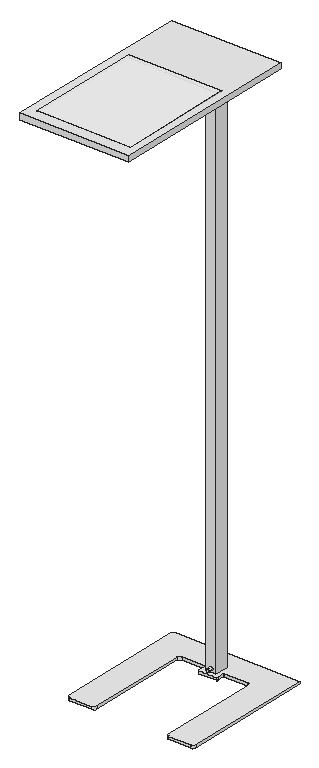
Revit family "0060781 Sylvania Lighting Fixture FREEOFFICE DIRECT INDIRECT 12KLM BLACK EC", category Lighting Fixtures, host Face, Revit 2016
Family settings
  Host = Face
  Part Type = Normal
  Round Connector Dimension = Use Diameter
  OmniClass Number = 23.80.70.11.17
  OmniClass Title = Specialized Lighting by Location or Use
  Cut with Voids When Loaded = No
  Light Source = Yes
  Shared = No
  Room Calculation Point = No
Parameters (values of type "0060781 FREEOFFICE D/I 12 BLACK EC")
  Weight = "22.8 kg"
  Wattage = 93 W
  WarrantyStartDate [instance] = "n/a"
  WarrantyGuarantorParts = "n/a"
  WarrantyDurationUnit = "n/a"
  WarrantyDurationParts = "n/a"
  WarrantyDescription = "n/a"
  built-in parameter 1150110 = 1 (stored number, unit not read)
  Voltage = 230 V
  TypeName = "FREEOFFICE DIRECT/INDIRECT 12KLM BLACK EC"
  built-in parameter 1114217 = 1 (stored number, unit not read)
  Tilt Angle = -90°
  built-in parameter 1150109 = 1 (stored number, unit not read)
  built-in parameter 1150134 = 12
  built-in parameter 1150113 = 1 (stored number, unit not read)
  SerialNumber [instance] = "n/a"
  Radius_FEILO = 165.0 mm
  URL = "http://www.sylvania-lighting.com"
  PowerFactor = 0.96
  PowerConsumption = "93 W"
  Photometric Web File = "0060781.ies"
  PIR_SYL = no
  NominalWidth = 0.0 mm
  NominalLength = 690.0 mm
  NominalHeight = 2030.0 mm
  Name = "FREEOFFICE DIRECT/INDIRECT 12KLM BLACK EC"
  ModelReference = "FREEOFFICE DIRECT/INDIRECT 12KLM BLACK EC"
  ModelNumber = "0060781"
  Material_3_SYL = Body-Sylvania-FreeOffice-BLK
  Material_2_SYL = Polycarbonate_Sylvania_Sylcircle_Opal
  Material_1_SYL = Body-Sylvania-FreeOffice-BLK
  Material = "head and pole : powder coated aluminium. stand: powder coated steel housing, pmma diffuser"
  ManufacturerName = "Feilo Sylvania"
  LuminousEfficacy = "131 lm/W"
  built-in parameter 1150105 = 3688.2 (stored number, unit not read)
  Lumens = 12183 lm
  LuminaireType = ""
  built-in parameter 1150115 = 1 (stored number, unit not read)
  LightOutputRatio = "n/a"
  built-in parameter 1150137 = (empty or 0)
  built-in parameter 1150139 = (empty or 0)
  LampsType = Lamp  # "LED"
  LampNominalLuminous = "12150 lm"
  LampMacAdamStep = "3"
  LampColourTemperature = "4000 K"
  LampColourRenderingIndex = "80"
  built-in parameter 1150112 = 1 (stored number, unit not read)
  built-in parameter 1150114 = 1 (stored number, unit not read)
  Keynote = "16500"
  InstallationDate [instance] = "n/a"
  InputVoltage = "220-240V~"
  InputNominalFrequency = "50/60 Hz"
  built-in parameter 1150132 = (empty or 0)
  built-in parameter 1150102 = (empty or 0)
  built-in parameter 1150107 = 4000 (stored number, unit not read)
  built-in parameter 1150138 = (empty or 0)
  IngressProtection = "IP20"
  ImpactProtectionIndex = "IK02"
  built-in parameter 1150106 = 36.882 (stored number, unit not read)
  IfcExportType = "IfcLightFixtureType"
  IfcExportAs = "IfcLightFixtureType"
  Height_FEILO = 96.0 mm
  ExpectedLife = 50000
  Emit from Rectangle Width = 340.1 mm
  Emit from Rectangle Length = 564.6 mm
  Emit Shape Visible in Rendering = no
  ElectricShockClassification = "Class I"
  built-in parameter 1150104 = 12.17 (stored number, unit not read)
  DurationUnit = "hours"
  DocumentationLiterature = "http://www.sylvania-lighting.com/product/en-int/products/0060781"
  DimmingControlOptions = "Dimmable"
  Dimming Lamp Color Temperature Shift = <None>
  Diameter_FEILO = 2 * Radius_FEILO  # 330.0 mm
  CreatedOn = "12/5/2018"
  CreatedBy = "@sylvania-lighting.com"
  Color Filter = 16777215
  built-in parameter 1114216 [instance] = 1 (stored number, unit not read)
  Model = "FREEOFFICE DIRECT/INDIRECT 12KLM BLACK EC"
  Manufacturer = "Feilo Sylvania"
  Lamp = "LED"
  Description = "FREEOFFICE DIRECT/INDIRECT 12KLM BLACK EC is a highly efficient free-standing floor lamp providing optimal illumination for single and twin workstations. 80% uplight and 20% downlight ratio for ambient and task lighting from a single luminaire. Microprismatic PMMA optics for advanced glare control. Black RAL9005 powder coated luminaire body. Aluminium head and pole for high-quality appearance, steel stand for higher stability. Luminaire dimensions: Head: 690x397x25mm, Stand: 480x460x16mm, Pole: 55x35x2030mm. Operated and dimmed with a push button located in the pole at a height suitable to be used with adjustable height desks. Up and downlight dims together. 4000K Neutral White LED, CRI>80, chromaticity tolerance: SDCM<3. Luminous flux: 12150lm. Power consumption 93W. Luminaire efficacy: 131lm/W. Lumen maintenance: L80B50=55000h. UGR<16, Luminance at 65°<3000 cd/m2. IK02, IP20. Photobiological safety risk group 0. Electrical protection: Class I. Glow wire test: 650°C. Supplied with 3m cable with DIN 49441-R2 plug."
  Default Elevation = 0.0 mm
  built-in parameter 1140040 [instance] = 1
  BarCode [instance] = "n/a"
  built-in parameter 1114218 = 1 (stored number, unit not read)
  built-in parameter 1150133 = 10 (stored number, unit not read)
  AssetType = "Fixed"
  AssetIdentifier [instance] = "n/a"
  Assembly Code = "D5020200"
  Apparent Load = 93 VA
Reference planes
  plane 1 "Center (Front/Back)": y = 0
  plane 2: z = 0
  plane 3 "Center (Left/Right)": x = 0
  plane 4: z = 2030
  plane 5: x = 230
  plane 6: x = -230
  plane 7: x = 18
  plane 8: x = -18
  plane 9: x = -198.5
  plane 10: x = 198.5
  plane 11: y = 25
  plane 12: y = -25
  plane 13: y = -390.174
  plane 14: y = 89.826
  plane 15: y = -645
  plane 16: y = 44
  plane 17: z = 9
  plane 18: z = 2010
  plane 19: y = -187.327
  plane 20: y = -603.8
  plane 21: x = -170.03
  plane 22: x = 170.03
  plane 23: y = -39.174
  plane 24: z = 2020
  plane 25: x = 130
  plane 26: x = -130
  plane 27: y = -10.174
  plane 28: x = 34
  plane 29: x = -34
  plane 30: y = -39.174
  plane 31: y = -321.487
  plane 32: z = 21
  plane 33: y = -624.4
  plane 34: z = 2009
Forms (mm)
  Extrusion 1, solid, material "Body-Sylvania-FreeOffice-BLK" <- "Material_1_SYL"
    sketch origin (-1380.213, -4572, 2010) x (-1, 0, 0) y (0, -1, 0)
      loop
        line (-1181.713, -3927) -> (-1578.713, -3927) -> (-1578.713, -4616) -> (-1181.713, -4616) -> (-1181.713, -3927)
    from 0 to 20
  Extrusion 2, void
    sketch origin (-1380.213, -4572, 2030) x (0, -1, 0) y (-1, 0, 0)
      loop
        line (-4384.673, -1210.183) -> (-4384.673, -1550.243) -> (-3968.2, -1550.243) -> (-3968.2, -1210.183) -> (-4384.673, -1210.183)
    from 0 to 20
  Extrusion 3, void
    sketch origin (-1380.213, -4572, 2010) x (0, -1, 0) y (-1, 0, 0)
      loop
        line (-3968.2, -1210.183) -> (-4532.826, -1210.183) -> (-4532.826, -1550.243) -> (-3968.2, -1550.243) -> (-3968.2, -1210.183)
    from 0 to -10
  Extrusion 4, solid, material "Body-Sylvania-FreeOffice-BLK" <- "Material_1_SYL"
    sketch origin (0, 0, 0) x (1, 0, 0) y (0, 1, 0)
      loop
        line (-230, 79.826) -> (-230, -380.174)
        arc (-230, -380.174) -> (-227.071, -387.245) -> (-220, -390.174) r 10
        line (-220, -390.174) -> (-140, -390.174)
        arc (-140, -390.174) -> (-132.929, -387.245) -> (-130, -380.174) r 10
        line (-130, -380.174) -> (-130, -20.174)
        arc (-130, -20.174) -> (-127.071, -13.103) -> (-120, -10.174) r 10
        line (-120, -10.174) -> (-36, -10.174)
        arc (-36, -10.174) -> (-34.586, -10.76) -> (-34, -12.174) r 2
        line (-34, -12.174) -> (-34, -37.174)
        arc (-34, -37.174) -> (-33.414, -38.588) -> (-32, -39.174) r 2
        line (-32, -39.174) -> (32, -39.174)
        arc (32, -39.174) -> (33.414, -38.588) -> (34, -37.174) r 2
        line (34, -37.174) -> (34, -12.174)
        arc (34, -12.174) -> (34.586, -10.76) -> (36, -10.174) r 2
        line (36, -10.174) -> (120, -10.174)
        arc (120, -10.174) -> (127.071, -13.103) -> (130, -20.174) r 10
        line (130, -20.174) -> (130, -380.174)
        arc (130, -380.174) -> (132.929, -387.245) -> (140, -390.174) r 10
        line (140, -390.174) -> (220, -390.174)
        arc (220, -390.174) -> (227.071, -387.245) -> (230, -380.174) r 10
        line (230, -380.174) -> (230, 89.826) -> (-220, 89.826)
        arc (-220, 89.826) -> (-227.071, 86.897) -> (-230, 79.826) r 10
    from 0 to 9
  Extrusion 5, solid, material "Body-Sylvania-FreeOffice-BLK" <- "Material_1_SYL"
    sketch origin (645.563, -4597, 9) x (0, -1, 0) y (-1, 0, 0)
      loop
        line (-4622, 663.563) -> (-4622, 627.563) -> (-4572, 627.563) -> (-4572, 663.563) -> (-4622, 663.563)
    from 0 to -2001
  Extrusion 6, solid, material "Body-Sylvania-FreeOffice-BLK" <- "Material_1_SYL"
    sketch origin (747.1, -25, 1219.2) x (1, 0, 0) y (0, 0, 1)
      loop
        circle (-747.1, -1198.2) r 5
    from 0 to 14.174
  Extrusion 7, solid, material "Polycarbonate_Sylvania_Sylcircle_Opal" <- "Material_2_SYL"
    sketch origin (-1380.213, -4572, 2030) x (-1, 0, 0) y (0, -1, 0)
      loop
        line (-1550.243, -3968.2) -> (-1550.243, -4384.673) -> (-1210.183, -4384.673) -> (-1210.183, -3968.2) -> (-1550.243, -3968.2)
    from 0 to -10
  Extrusion 8, solid, material "Polycarbonate_Sylvania_Sylcircle_Opal" <- "Material_2_SYL"
    sketch origin (-1380.213, -4572, 2010) x (-1, 0, 0) y (0, -1, 0)
      loop
        line (-1210.183, -4532.826) -> (-1210.183, -3968.2) -> (-1550.243, -3968.2) -> (-1550.243, -4532.826) -> (-1210.183, -4532.826)
    from 0 to 10
  Revolve 9, solid, material "Body-Sylvania-FreeOffice-BLK" <- "Material_3_SYL", visible <- "PIR_SYL"
    sketch origin (747.1, -624.4, 1219.2) x (1, 0, 0) y (0, 0, 1)
      loop
        line (-757.1, 789.8) -> (-754.426, 789.8)
        arc (-754.426, 789.8) -> (-751.007, 787.781) -> (-747.1, 787.079) r 11.221
        line (-747.1, 787.079) -> (-747.1, 790.8) -> (-757.1, 790.8) -> (-757.1, 789.8)
      axis (-747.1, 790.8) -> (-747.1, 787.079)
    angle from 0 to 360
Cuts and joins
  Extrusion 2, Extrusion 3 cuts Extrusion 1
Lines and regions (mm)
  reference lines
    curve 1: circle (0, 0, 21) r 5 normal (0, -1, 0)
    curve 2: circle (0, -624.4, 2010) r 10 normal (0, 0, 1)
Dimensions and locks
  equal spacing: plane 12, plane 1 "Center (Front/Back)", plane 11
  locked: plane 12 to plane 11 at 50
  equal spacing: plane 8, plane 3 "Center (Left/Right)", plane 7
  plane 8 to plane 7 = 36.0 mm
  equal spacing: plane 9, plane 3 "Center (Left/Right)", plane 10
  plane 9 to plane 10 = 397.0 mm
  equal spacing: plane 6, plane 3 "Center (Left/Right)", plane 5
  locked: plane 6 to plane 5 at 460
  locked: plane 4 to plane 2 at 2030
  locked: plane 13 to plane 1 "Center (Front/Back)" at 390.174
  locked: plane 13 to plane 14 at 480
  locked: plane 15 to plane 1 "Center (Front/Back)" at 645
  locked: plane 15 to plane 16 at 689
  locked: plane 17 to plane 2 at 9
  locked: plane 4 to plane 18 at 20
  locked: plane 19 to plane 1 "Center (Front/Back)" at 187.327
  locked: plane 20 to plane 19 at 416.473
  equal spacing: plane 21, plane 3 "Center (Left/Right)", plane 22
  plane 21 to plane 22 = 340.059 mm
  locked: plane 20 to plane 23 at 564.626
  equal spacing: plane 4, plane 24, plane 18
  equal spacing: plane 26, plane 3 "Center (Left/Right)", plane 25
  locked: plane 26 to plane 25 at 260
  locked: plane 27 to plane 14 at 100
  equal spacing: plane 29, plane 3 "Center (Left/Right)", plane 28
  locked: plane 29 to plane 28 at 68
  locked: plane 30 to plane 27 at 29
  equal spacing: plane 20, plane 31, plane 23
  locked: plane 32 to host face at 21
  equal spacing: plane 15, plane 33, plane 20
  locked: Revolve 9 sketch curve to plane 18 at 7.5
  locked: plane 18 to plane 34 at 1
  radius of curve 2 = 10.0 mm
  aligned and locked: plane 2 to host face
  aligned and locked: level to host face
  aligned and locked: plane 15 to Extrusion 1 sketch curve
  aligned and locked: Extrusion 1 sketch curve to plane 9
  aligned and locked: Extrusion 1 sketch curve to plane 16
  aligned and locked: plane 10 to Extrusion 1 sketch curve
  aligned and locked: plane 4 to Extrusion 1
  aligned and locked: Extrusion 1 to plane 18
  aligned and locked: Extrusion 2 sketch curve to plane 19
  aligned and locked: plane 20 to Extrusion 2 sketch curve
  aligned and locked: Extrusion 2 to plane 18
  aligned and locked: plane 4 to Extrusion 2
  aligned and locked: plane 21 to Extrusion 2 sketch curve
  aligned and locked: plane 22 to Extrusion 2 sketch curve
  aligned and locked: Extrusion 3 sketch curve to cut or joined group of Extrusion 1, Extrusion 2, Extrusion 3  (x2)
  aligned and locked: plane 23 to Extrusion 3 sketch curve
  aligned and locked: plane 22 to Extrusion 3 sketch curve
  aligned and locked: Extrusion 3 to plane 18
  aligned and locked: plane 24 to Extrusion 3
  aligned and locked: Extrusion 4 sketch curve to plane 14
  aligned and locked: Extrusion 4 sketch curve to plane 6
  aligned and locked: plane 13 to Extrusion 4 sketch curve  (x2)
  aligned and locked: Extrusion 4 sketch curve to plane 26
  aligned and locked: Extrusion 4 sketch curve to plane 25
  aligned and locked: plane 5 to Extrusion 4 sketch curve
  aligned and locked: plane 29 to Extrusion 4 sketch curve
  aligned and locked: plane 30 to Extrusion 4 sketch curve
  aligned and locked: Extrusion 4 sketch curve to plane 28
  aligned and locked: Extrusion 4 sketch curve to plane 27
  aligned and locked: Extrusion 4 to plane 17
  aligned and locked: Extrusion 4 to level
  aligned and locked: Extrusion 5 sketch curve to plane 8
  aligned and locked: plane 7 to Extrusion 5 sketch curve
  aligned and locked: plane 18 to Extrusion 5
  aligned and locked: plane 11 to Extrusion 5 sketch curve
  aligned and locked: Extrusion 5 sketch curve to plane 12
  aligned and locked: plane 24 to imposter light
  aligned and locked: imposter light to plane 3 "Center (Left/Right)"
  aligned and locked: imposter light to plane 31
  aligned and locked: Extrusion 6 sketch curve to curve 1
  aligned and locked: Extrusion 6 to plane 12
  aligned and locked: Extrusion 6 to cut or joined group of Extrusion 1, Extrusion 2, Extrusion 3
  aligned and locked: Extrusion 7 sketch curve to cut or joined group of Extrusion 1, Extrusion 2, Extrusion 3  (x4)
  aligned and locked: Extrusion 7 to plane 4
  aligned and locked: Extrusion 7 to cut or joined group of Extrusion 1, Extrusion 2, Extrusion 3
  aligned and locked: Extrusion 8 sketch curve to cut or joined group of Extrusion 1, Extrusion 2, Extrusion 3  (x4)
  aligned and locked: Extrusion 8 to cut or joined group of Extrusion 1, Extrusion 2, Extrusion 3
  aligned and locked: Extrusion 8 to plane 18
  aligned and locked: plane 3 "Center (Left/Right)" to curve 2
  aligned and locked: plane 33 to curve 2
  aligned and locked: plane 3 "Center (Left/Right)" to Revolve 9 sketch curve  (x2)
  aligned and locked: Revolve 9 sketch curve to plane 3 "Center (Left/Right)"
  aligned and locked: Revolve 9 sketch curve to plane 34
Automatic sketch dimensions
  host sketch curve to host sketch curve = 1305.563 mm
  host sketch curve to host sketch curve = 1283.632 mm
  plane 27 to Extrusion 4 sketch curve = 0.0 mm
  plane 6 to Extrusion 4 sketch curve = 10.0 mm  (x2)
  Extrusion 4 sketch curve to plane 13 = 10.0 mm
  Extrusion 4 sketch curve to plane 26 = 10.0 mm
  Extrusion 4 sketch curve to Extrusion 4 sketch curve = 2.0 mm
  plane 29 to Extrusion 4 sketch curve = 2.0 mm
  Extrusion 4 sketch curve to plane 28 = 2.0 mm
  plane 28 to Extrusion 4 sketch curve = 2.0 mm
  Extrusion 4 sketch curve to plane 25 = 10.0 mm
  Extrusion 4 sketch curve to Extrusion 4 sketch curve = 10.0 mm
  Extrusion 4 sketch curve to plane 5 = 10.0 mm
  curve 1 to plane 3 "Center (Left/Right)" = 0.0 mm
  curve 1 to plane 32 = 0.0 mm
  Revolve 9 sketch curve to plane 18 = 0.0 mm
  Revolve 9 sketch curve to plane 3 "Center (Left/Right)" = 7.326 mm
  Revolve 9 sketch curve to Revolve 9 sketch curve = 2.674 mm
  Revolve 9 sketch curve to level = 94.652 mm
  plane 4 to Revolve 9 sketch curve = 432.257 mm
  radius of curve 1 = 5.0 mm
Connectors
  electrical at (0, -39.174, 21), driven by "PowerFactor", driven by "Voltage", driven by "Apparent Load", driven by "Apparent Load"
    settings: on Extrusion 6, index 1, voltage 230 V, apparent load 93 VA, apparent load phase1 93 VA, apparent load phase2 0 VA, apparent load phase3 0 VA, power factor 0.96, load classification "Other", number of poles 1, system type 30, power factor state 1, is connector primary yes, connector utility no, sub classification motor no, connector description ""
